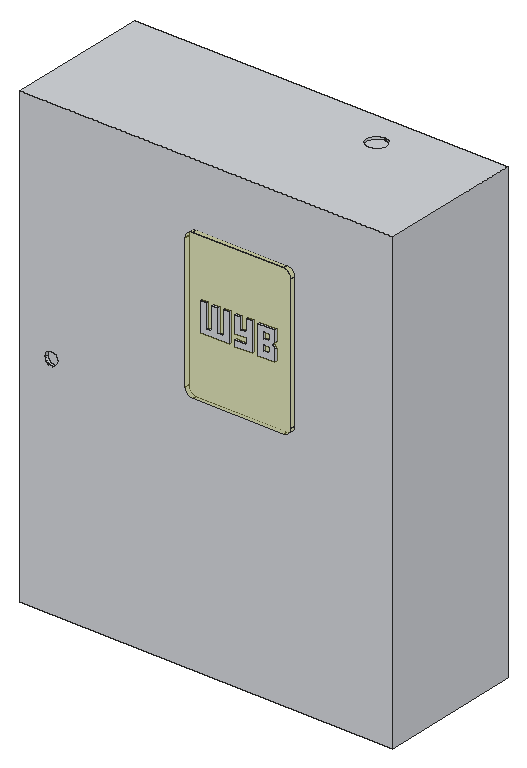
Revit family "ШУВ-Ч", category Оборудование, Revit 2020
Family settings
  Размер круглого соединителя = Использовать диаметр
  Классификация = Нет
  Тип детали = Нормальный
  На основе рабочей плоскости = Нет
  Всегда вертикально = Да
  При загрузке вырезать с полостями = Нет
  Общий = Нет
  Точка расчета площади = Нет
Parameters (values of type "ШУВ-М_DEK_11-18,5кВт")
  расст замок верт = 400 mm
  Ширина [instance] = 650 mm
  Расст вывода3 от левой стенки = 365 mm
  Расст замок = 55 mm
  Расст вывода2 от левой стенки = 305 mm
  Расст вывода от левой стенки = 245 mm
  Расст вывода от задней стенки = 55 mm
  Расст ПУШ от верхней стенки = 110 mm
  Расст ввод от задней стенки = 60 mm
  Расст ввод от левой стенки = 470 mm
  Расст ПУШ от левой стенки = 295 mm
  Отметка по умолчанию = 0 mm
  Описание = "ШУВ-М предназначен для управления одно/трехфазным электродвигателем приточного или вытяжного вентилятора системы противопожарной вентиляции от 0,37 до 37 кВт, как в режиме «Местный пуск» с лицевой панели ШУВ-М, так и по сигналам любого модуля/прибора управления в режиме «Автоматический пуск» с контролем и отображением состояния вентилятора при помощи световой индикации и с передачей сигналов состояния на модуль управления, а также с опцией управления электрическим нагревателем мощностью 0,37 – 45 кВт."
  Назв гориз ПУШ = 210 mm
  Комментарии к типоразмеру = "Ш4/DEK"
  Изготовитель = "ООО \"Плазма-Т\""
  Группа модели = "ШУВ-М-Ч"
  Глубина [instance] = 250 mm
  Высота [instance] = 800 mm
  URL = "https://plazma-t.ru/"
Types (4, lengths in mm): name | расст замок верт | Ширина | Расст вывода3 от левой стенки | Расст замок | Расст вывода2 от левой стенки | Расст вывода от левой стенки | Расст вывода от задней стенки | Расст ПУШ от верхней стенки | Расст ввод от задней стенки | Расст ввод от левой стенки | Расст ПУШ от левой стенки | Назв гориз ПУШ | Комментарии к типоразмеру | Глубина | Высота
  ШУВ-SE_АВВ_0,37-7,5кВт | 350 | 500 | 220 | 450 | 160 | 100 | 125 | 100 | 100 | 350 | 110 | 120 | "Ш3/ABB" | 250 | 700
  ШУВ-М_DEK_11-18,5кВт | 400 | 650 | 365 | 55 | 305 | 245 | 55 | 110 | 60 | 470 | 295 | 210 | "Ш4/DEK" | 250 | 800
  ШУВ-SE_АВВ_11-18,5кВт | 400 | 600 | 220 | 550 | 160 | 100 | 125 | 110 | 100 | 160 | 220 | 120 | "Ш4/ABB" | 250 | 800
  ШУВ-DEK_0,37-7,5кВт | 300 | 500 | 320 | 55 | 260 | 200 | 60 | 110 | 60 | 375 | 180 | 210 | "Ш3/DEK" | 220 | 650
Reference planes
  plane 1 "По центру (Вперед/Назад)": y = 0
  plane 2: z = 0
  plane 3 "По центру (Влево/Вправо)": x = 0
  plane 4: y = -9
Forms (mm)
  Extrusion 1, solid
    sketch origin (0, 0, 0) x (1, 0, 0) y (0, 1, 0)
      loop
        line (0, 0) -> (650, 0) -> (650, 250) -> (0, 250) -> (0, 0)
    from 0 to 800
  Extrusion 2, solid, material "Источник света по умолчанию"
    sketch origin (0, 0, 0) x (1, 0, 0) y (0, 0, 1)
      loop
        arc (308, 690) -> (298.808, 686.192) -> (295, 677) r 13
        line (295, 677) -> (295, 443)
        arc (295, 443) -> (298.808, 433.808) -> (308, 430) r 13
        line (308, 430) -> (466.542, 430)
        arc (466.542, 430) -> (475.734, 433.808) -> (479.542, 443) r 13
        line (479.542, 443) -> (479.542, 677)
        arc (479.542, 677) -> (475.734, 686.192) -> (466.542, 690) r 13
        line (466.542, 690) -> (308, 690)
    from 0 to 9
  Extrusion 3, void
    sketch origin (0, 0, 0) x (1, 0, 0) y (0, 0, 1)
      loop
        circle (55, 400) r 11.5
    from 10 to -5.347
  Extrusion 4, void
    sketch origin (0, 0, 800) x (0, 1, 0) y (1, 0, 0)
      loop
        circle (190, 470) r 17
    from 0 to 3
  Extrusion 5, void
    sketch origin (0, 0, 0) x (1, 0, 0) y (0, 1, 0)
      loop
        circle (245, 195) r 17
    from 0 to 3
  Extrusion 6, void
    sketch origin (0, 0, 0) x (1, 0, 0) y (0, 1, 0)
      loop
        circle (305, 195) r 17
    from 0 to 3
  Extrusion 7, void
    sketch origin (0, 0, 0) x (1, 0, 0) y (0, 1, 0)
      loop
        circle (365, 195) r 17
    from 0 to 3
  Extrusion 8, solid
    sketch origin (0, -9, 0) x (1, 0, 0) y (0, 0, 1)
      loop
        line (324.592, 540.393) -> (374.592, 540.393) -> (374.592, 590.393) -> (364.592, 590.393) -> (364.592, 550.393) -> (354.592, 550.393) -> (354.592, 590.393) -> (344.592, 590.393) -> (344.592, 550.393) -> (334.592, 550.393) -> (334.592, 590.393) -> (324.592, 590.393) -> (324.592, 540.393)
      loop
        line (384.592, 590.393) -> (384.592, 560.393) -> (404.592, 560.393) -> (404.592, 550.393) -> (384.592, 550.393) -> (384.592, 540.393) -> (414.592, 540.393) -> (414.592, 590.393) -> (404.592, 590.393) -> (404.592, 570.393) -> (394.592, 570.393) -> (394.592, 590.393) -> (384.592, 590.393)
      loop
        line (424.592, 590.393) -> (424.592, 540.393) -> (454.592, 540.393) -> (454.592, 560.393) -> (449.592, 565.393) -> (454.592, 570.393) -> (454.592, 590.393) -> (424.592, 590.393)
      loop
        line (434.592, 550.393) -> (444.592, 550.393) -> (444.592, 560.393) -> (434.592, 560.393) -> (434.592, 550.393)
      loop
        line (434.592, 580.393) -> (434.592, 570.393) -> (444.592, 570.393) -> (444.592, 580.393) -> (434.592, 580.393)
    from 0 to 3
  Extrusion 9, void
    sketch origin (0, 0, 0) x (1, 0, 0) y (0, 1, 0)
      loop
        circle (50, 200) r 17
      loop
        circle (100, 200) r 17
      loop
        circle (150, 200) r 17
      loop
        circle (200, 200) r 17
    from 0 to 3
Cuts and joins
  Extrusion 3, Extrusion 4, Extrusion 5, Extrusion 6, Extrusion 7, Extrusion 9 cuts Extrusion 1
Dimensions and locks
  "Ширина": Extrusion 1 to Extrusion 1
  "Глубина": Extrusion 1 to Extrusion 1
  "Высота": Extrusion 1 to Extrusion 1
  Extrusion 1 to Extrusion 2 sketch curve = 110 mm
  "Расст ПУШ от верхней стенки": Extrusion 1 to Extrusion 2
  "расст замок верт": Extrusion 1 to Extrusion 3 sketch curve
  "Расст замок": Extrusion 1 to Extrusion 3 sketch curve
  "Расст ввод от левой стенки": Extrusion 4 sketch curve to cut or joined group of Extrusion 1, Extrusion 3, Extrusion 4, Extrusion 5, Extrusion 6, Extrusion 7, Extrusion 9
  "Расст ввод от задней стенки": cut or joined group of Extrusion 1, Extrusion 3, Extrusion 4, Extrusion 5, Extrusion 6, Extrusion 7, Extrusion 9 to Extrusion 4 sketch curve
  locked: Extrusion 2 sketch curve to Extrusion 2 sketch curve at 184.542
  locked: Extrusion 2 sketch curve to Extrusion 2 sketch curve at 260
  "Расст ПУШ от левой стенки": cut or joined group of Extrusion 1, Extrusion 3, Extrusion 4, Extrusion 5, Extrusion 6, Extrusion 7, Extrusion 9 to Extrusion 2 sketch curve
  "Расст вывода от левой стенки": cut or joined group of Extrusion 1, Extrusion 3, Extrusion 4, Extrusion 5, Extrusion 6, Extrusion 7, Extrusion 9 to Extrusion 5 sketch curve
  "Расст вывода от задней стенки": cut or joined group of Extrusion 1, Extrusion 3, Extrusion 4, Extrusion 5, Extrusion 6, Extrusion 7, Extrusion 9 to Extrusion 5 sketch curve
  "Расст вывода от задней стенки": cut or joined group of Extrusion 1, Extrusion 3, Extrusion 4, Extrusion 5, Extrusion 6, Extrusion 7, Extrusion 9 to Extrusion 6 sketch curve
  "Расст вывода2 от левой стенки": cut or joined group of Extrusion 1, Extrusion 3, Extrusion 4, Extrusion 5, Extrusion 6, Extrusion 7, Extrusion 9 to Extrusion 6 sketch curve
  "Расст вывода от задней стенки": cut or joined group of Extrusion 1, Extrusion 3, Extrusion 4, Extrusion 5, Extrusion 6, Extrusion 7, Extrusion 9 to Extrusion 7 sketch curve
  "Расст вывода3 от левой стенки": cut or joined group of Extrusion 1, Extrusion 3, Extrusion 4, Extrusion 5, Extrusion 6, Extrusion 7, Extrusion 9 to Extrusion 7 sketch curve
  cut or joined group of Extrusion 1, Extrusion 3, Extrusion 4, Extrusion 5, Extrusion 6, Extrusion 7, Extrusion 9 to cut or joined group of Extrusion 1, Extrusion 3, Extrusion 4, Extrusion 5, Extrusion 6, Extrusion 7, Extrusion 9 = 650 mm
  Extrusion 2 to Extrusion 8 sketch curve = 29.592 mm
  Extrusion 8 sketch curve to Extrusion 8 sketch curve = 90 mm
  Extrusion 8 sketch curve to Extrusion 8 sketch curve = 130 mm
  Extrusion 8 sketch curve to Extrusion 8 sketch curve = 50 mm  (x2)
  Extrusion 8 sketch curve to Extrusion 8 sketch curve = 30 mm  (x2)
  Extrusion 8 sketch curve to Extrusion 2 = 160.393 mm
  cut or joined group of Extrusion 1, Extrusion 3, Extrusion 4, Extrusion 5, Extrusion 6, Extrusion 7, Extrusion 9 to Extrusion 9 sketch curve = 50 mm  (x2)
  Extrusion 9 sketch curve to Extrusion 9 sketch curve to Extrusion 9 sketch curve to Extrusion 9 sketch curve = 50 mm, 50 mm, 50 mm
  diameter of Extrusion 4 sketch curve = 34 mm
  aligned and locked: level to plane 2
  aligned and locked: Extrusion 1 to level
  aligned and locked: Extrusion 1 to plane 3 "По центру (Влево/Вправо)"
  aligned and locked: plane 1 "По центру (Вперед/Назад)" to Extrusion 1
Automatic sketch dimensions
  plane 3 "По центру (Влево/Вправо)" to Extrusion 1 sketch curve = 0 mm
  plane 1 "По центру (Вперед/Назад)" to Extrusion 1 sketch curve = 0 mm
  plane 3 "По центру (Влево/Вправо)" to Extrusion 1 sketch curve = 650 mm
  Extrusion 1 sketch curve to plane 1 "По центру (Вперед/Назад)" = 250 mm
  Extrusion 8 sketch curve to Extrusion 8 sketch curve = 10 mm  (x22)
  Extrusion 8 sketch curve to Extrusion 8 sketch curve = 0 mm  (x6)
  Extrusion 8 sketch curve to Extrusion 8 sketch curve = 40 mm
  Extrusion 8 sketch curve to Extrusion 8 sketch curve = 20 mm
  Extrusion 8 sketch curve to Extrusion 8 sketch curve = 5 mm  (x2)
  Extrusion 9 sketch curve to Extrusion 9 sketch curve = 0 mm  (x3)
  Extrusion 2 sketch curve to Extrusion 2 sketch curve = 13 mm  (x4)
  radius of Extrusion 9 sketch curve = 17 mm  (x4)
  radius of Extrusion 3 sketch curve = 11.5 mm
  radius of Extrusion 5 sketch curve = 17 mm
  radius of Extrusion 6 sketch curve = 17 mm
  radius of Extrusion 7 sketch curve = 17 mm
Connectors
  electrical at (470, 190, 797)
    settings: on cut or joined group of Extrusion 1, Extrusion 3, Extrusion 4, Extrusion 5, Extrusion 6, Extrusion 7, Extrusion 9, index 1, voltage 0 V, apparent load 0 VA, apparent load phase1 0 VA, apparent load phase2 0 VA, apparent load phase3 0 VA, power factor 1, load classification "Прочее", number of poles 1, system type 30, power factor state 1, is connector primary yes, connector utility no, sub classification motor no, connector description "380V"
  electrical at (245, 195, 3)
    settings: on cut or joined group of Extrusion 1, Extrusion 3, Extrusion 4, Extrusion 5, Extrusion 6, Extrusion 7, Extrusion 9, index 2, voltage 0 V, apparent load 0 VA, apparent load phase1 0 VA, apparent load phase2 0 VA, apparent load phase3 0 VA, power factor 1, load classification "Прочее", number of poles 1, system type 11, power factor state 1, is connector primary no, connector utility no, sub classification motor no, connector description "24V или 220V"
  electrical at (305, 195, 3)
    settings: on cut or joined group of Extrusion 1, Extrusion 3, Extrusion 4, Extrusion 5, Extrusion 6, Extrusion 7, Extrusion 9, index 3, voltage 0 V, apparent load 0 VA, apparent load phase1 0 VA, apparent load phase2 0 VA, apparent load phase3 0 VA, power factor 1, load classification "Прочее", number of poles 1, system type 11, power factor state 1, is connector primary no, connector utility no, sub classification motor no, connector description "шлейф"
  electrical at (365, 195, 3)
    settings: on cut or joined group of Extrusion 1, Extrusion 3, Extrusion 4, Extrusion 5, Extrusion 6, Extrusion 7, Extrusion 9, index 4, voltage 0 V, apparent load 0 VA, apparent load phase1 0 VA, apparent load phase2 0 VA, apparent load phase3 0 VA, power factor 1, load classification "Прочее", number of poles 1, system type 11, power factor state 1, is connector primary no, connector utility no, sub classification motor no, connector description "шлейф"
  electrical at (50, 200, 3)
    settings: on cut or joined group of Extrusion 1, Extrusion 3, Extrusion 4, Extrusion 5, Extrusion 6, Extrusion 7, Extrusion 9, index 5, voltage 0 V, apparent load 0 VA, apparent load phase1 0 VA, apparent load phase2 0 VA, apparent load phase3 0 VA, power factor 1, load classification "Прочее", number of poles 1, system type 13, power factor state 1, is connector primary no, connector utility no, sub classification motor no, connector description "реле"
  electrical at (100, 200, 3)
    settings: on cut or joined group of Extrusion 1, Extrusion 3, Extrusion 4, Extrusion 5, Extrusion 6, Extrusion 7, Extrusion 9, index 6, voltage 0 V, apparent load 0 VA, apparent load phase1 0 VA, apparent load phase2 0 VA, apparent load phase3 0 VA, power factor 1, load classification "Прочее", number of poles 1, system type 13, power factor state 1, is connector primary no, connector utility no, sub classification motor no, connector description "реле"
  electrical at (150, 200, 3)
    settings: on cut or joined group of Extrusion 1, Extrusion 3, Extrusion 4, Extrusion 5, Extrusion 6, Extrusion 7, Extrusion 9, index 7, voltage 0 V, apparent load 0 VA, apparent load phase1 0 VA, apparent load phase2 0 VA, apparent load phase3 0 VA, power factor 1, load classification "Прочее", number of poles 1, system type 13, power factor state 1, is connector primary no, connector utility no, sub classification motor no, connector description "реле"
  electrical at (200, 200, 3)
    settings: on cut or joined group of Extrusion 1, Extrusion 3, Extrusion 4, Extrusion 5, Extrusion 6, Extrusion 7, Extrusion 9, index 8, voltage 0 V, apparent load 0 VA, apparent load phase1 0 VA, apparent load phase2 0 VA, apparent load phase3 0 VA, power factor 1, load classification "Прочее", number of poles 1, system type 13, power factor state 1, is connector primary no, connector utility no, sub classification motor no, connector description "нагрузка 24V"
